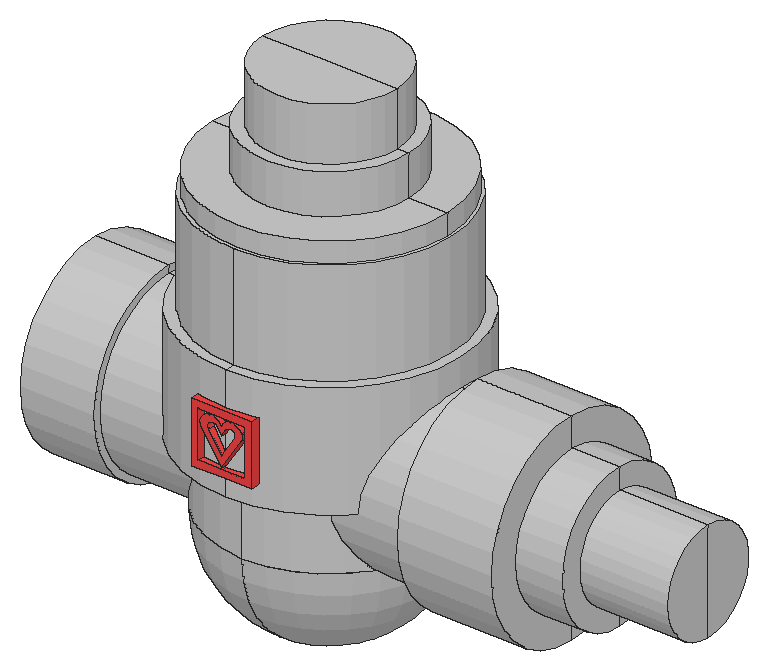
Revit family "Клапан для отключения радиатора с высокой пропускной способностью HERZ-RL-1-E, проходной 3723", category Rohrzubehör, Revit 2020
Family settings
  Bemaßung runder Anschluss = Durchmesser verwenden
  Teiletyp = Unterbricht
  OmniClass-Nummer = 23.65.55.14
  OmniClass-Titel = Valves for Liquid Services
  Arbeitsebenenbasiert = Nein
  Immer vertikal = Nein
  Beim Laden mit Abzugskörper schneiden = Nein
  Gemeinsam genutzt = Nein
Parameters
  Среда = "Качество воды в соответствии с ÖNORM H 5195 или директивой VDI 2035."
  Область применения = "Система водяного отопления. С помощью установки радиаторных запорных клапанов возможно осуществить перекрытие обратного потока нагревательных приборов. При одновременном перекрытии с клапаном на подающем трубопроводе возможен демонтаж радиатора в системе, которая находится под давлением."
  Номер заказа [instance] = size_lookup("3723_1E_", "Artnr", 0, Nennweite)  # 1372301
  Макс. рабочее давление = 1000000.0 Pa  # constant formula
  Макс. рабочая температура = 120 °C  # constant formula
  Корпус = "Никелированная латунь"  # constant formula
  Исполнение = "Стандартные модели с резьбовой муфтой в никелированном исполнении."
  Vorgabe-Ansicht = 0.000 mm
  URL = "www.herz-armaturen.ru"
  SCRNSEQ = "ARM;ARM_TYP=\"ALLF\";2"
  SCRNCODE = "05;01;02"  # constant formula
  S04 = 45.000 mm  # constant formula
  S03 = 61.000 mm  # constant formula
  S02 [instance] = L05 + L06 + L07  # 56.300 mm
  S01 = 10.000 mm  # constant formula
  R06 = 10.000 mm  # constant formula
  R05 = 11.750 mm  # constant formula
  R04 = 17.500 mm  # constant formula
  R03 = 16.500 mm  # constant formula
  R02 = 19.500 mm  # constant formula
  R01 = 18.000 mm  # constant formula
  Nennweite [instance] = 15.000 mm
  LO1 = 3.000 mm  # constant formula
  LO2 = 19.500 mm  # constant formula
  L07 [instance] = size_lookup("3723_1E_", "L7", 1.000 mm, Nennweite)  # 20.300 mm
  L06 [instance] = size_lookup("3723_1E_", "L6", 1.000 mm, Nennweite)  # 14.000 mm
  L05 [instance] = L02 - L04  # 22.000 mm
  L04 [instance] = size_lookup("3723_1E_", "L4", 1.000 mm, Nennweite)  # 11.000 mm
  L03 [instance] = size_lookup("3723_1E_", "L3", 1.000 mm, Nennweite)  # 11.000 mm
  L02 [instance] = size_lookup("3723_1E_", "L2", 1.000 mm, Nennweite)  # 33.000 mm
  L01 [instance] = size_lookup("3723_1E_", "L1", 1.000 mm, Nennweite)  # 35.000 mm
  Hersteller = "HERZ Armaturen Ges.m.b.H."  # constant formula
  H6 = 8.000 mm  # constant formula
  H07 = 14.000 mm  # constant formula
  H05 = 17.000 mm  # constant formula
  H04 [instance] = H02 - H03  # 17.000 mm
  H03 = 15.500 mm  # constant formula
  H02 [instance] = 32.500 mm  # constant formula
  H01 [instance] = 26.000 mm  # constant formula
  GTI [instance] = size_lookup("3723_1E_", "GT1", 1.000 mm, Nennweite)  # 13.200 mm
  GT [instance] = size_lookup("3723_1E_", "GT", 1.000 mm, Nennweite)  # 12.000 mm
  G2 [instance] = Nennweite / 2  # 7.500 mm
  G1 [instance] = Nennweite / 2  # 7.500 mm
  D05 [instance] = size_lookup("3723_1E_", "D5", 1.000 mm, Nennweite)  # 10.650 mm
  D04 [instance] = size_lookup("3723_1E_", "D4", 1.000 mm, Nennweite)  # 15.000 mm
  D03 [instance] = size_lookup("3723_1E_", "D3", 1.000 mm, Nennweite)  # 9.525 mm
  D02 [instance] = size_lookup("3723_1E_", "D2", 1.000 mm, Nennweite)  # 13.000 mm
  D01 [instance] = size_lookup("3723_1E_", "D1", 1.000 mm, Nennweite)  # 14.000 mm
Reference planes
  plane 1 "Mitte (Vorne/hinten)": y = 0
  plane 2: z = 0
  plane 3 "Mitte (Links/rechts)": x = 0
Forms (mm)
  Revolve 1, solid, material "Messing, weicher Gelbton, geschweißt", detail levels fine
    sketch origin (0, 0, 0) x (1, 0, 0) y (0, 0, 1)
      loop
        line (-23, 0) -> (33, 0) -> (33, 9.525) -> (22, 9.525) -> (22, 13) -> (-24, 13) -> (-24, 14) -> (-35, 14) -> (-35, 7.5) -> (-23, 7.5) -> (-23, 0)
      axis (-35, 0) -> (33, 0)
    angle from 0 to 360
  Revolve 2, solid, material "Messing, weicher Gelbton, geschweißt", detail levels fine
    sketch origin (0, 0, 0) x (0, 1, 0) y (0, 0, 1)
      loop
        line (0, 32.5) -> (-18, 32.5) -> (-18, 17) -> (-19.5, 17) -> (-19.5, 0) -> (-16.5, 0) -> (-16.5, -9.5)
        arc (-16.5, -9.5) -> (-11.667, -21.167) -> (0, -26) r 16.5
        line (0, -26) -> (0, 32.5)
      axis (0, -26) -> (0, 32.5)
    angle from 0 to 360
  Revolve 3, solid, material "Messing, weicher Gelbton, geschweißt", detail levels fine
    sketch origin (0, 0, 0) x (1, 0, 0) y (0, 0, 1)
      loop
        line (33, 0) -> (56.3, 0) -> (56.3, 7.5) -> (43.1, 7.5) -> (43.1, 10.65) -> (36, 10.65) -> (36, 15) -> (22, 15) -> (22, 9.525) -> (33, 9.525) -> (33, 0)
      axis (22, 0) -> (56.3, 0)
    angle from 0 to 360
  Revolve 4, solid, material "Messing, weicher Gelbton, geschweißt", detail levels medium+fine
    sketch origin (0, 0, 0) x (1, 0, 0) y (0, 0, 1)
      loop
        line (0, 32.5) -> (0, 49.5) -> (-10, 49.5) -> (-10, 41.5) -> (-11.75, 41.5) -> (-11.75, 35.5) -> (-17.5, 35.5) -> (-17.5, 32.5) -> (0, 32.5)
      axis (0, 49.5) -> (0, 32.5)
    angle from 0 to 360
Lines and regions (mm)
  model lines, detail levels coarse+medium
    curve 1: line (-35, 0, 14) -> (-35, 0, -14)
    curve 2: line (-35, 0, -14) -> (35, 0, 14)
    curve 3: line (35, 0, 14) -> (35, 0, -14)
    curve 4: line (35, 0, -14) -> (-35, 0, 14)
    curve 5: line (35, 0, 14) -> (45, 0, 14)
    curve 6: line (45, 0, 14) -> (35, 0, 0)
    curve 7: line (35, 0, -14) -> (45, 0, -14)
    curve 8: line (45, 0, -14) -> (35, 0, 0)
    curve 9: line (35, 0, 0) -> (56.3, 0, 0)
    curve 10: line (-35, 14, 0) -> (-35, -14, 0)
    curve 11: line (-35, -14, 0) -> (35, 14, 0)
    curve 12: line (35, 14, 0) -> (35, -14, 0)
    curve 13: line (35, -14, 0) -> (-35, 14, 0)
    curve 14: line (35, 14, 0) -> (45, 14, 0)
    curve 15: line (45, 14, 0) -> (35, 0, 0)
    curve 16: line (35, -14, 0) -> (45, -14, 0)
    curve 17: line (45, -14, 0) -> (35, 0, 0)
Dimensions and locks
  "L01": Revolve 1 sketch curve to plane 3 "Mitte (Links/rechts)"
  "L02": Revolve 1 sketch curve to plane 3 "Mitte (Links/rechts)"
  "G1": Revolve 1 sketch curve to plane 2
  "GT": Revolve 1 sketch curve to Revolve 1 sketch curve
  "D01": Revolve 1 sketch curve to Revolve 1 sketch curve
  "D02": Revolve 1 sketch curve to Revolve 1 sketch curve
  "D03": Revolve 1 sketch curve to Revolve 1 sketch curve
  "L03": Revolve 1 sketch curve to Revolve 1 sketch curve
  "L04": Revolve 1 sketch curve to Revolve 1 sketch curve
  "H02": Revolve 2 sketch curve to plane 2
  "D03": Revolve 3 sketch curve to plane 2
  "L04": Revolve 3 sketch curve to Revolve 3 sketch curve
  "L05": Revolve 3 sketch curve to plane 3 "Mitte (Links/rechts)"
  "L06": Revolve 3 sketch curve to Revolve 3 sketch curve
  "L07": Revolve 3 sketch curve to Revolve 3 sketch curve
  "D04": Revolve 3 sketch curve to Revolve 3 sketch curve
  "G2": Revolve 3 sketch curve to Revolve 3 sketch curve
  "D05": Revolve 3 sketch curve to Revolve 3 sketch curve
  "GTI": Revolve 3 sketch curve to Revolve 3 sketch curve
  "LO1": nested 1 to plane 2
  "D01": curve 4 to plane 2 to curve 2
  "D01": curve 3 to plane 2 to curve 4
  "L01": curve 1 to plane 3 "Mitte (Links/rechts)" to curve 3
  "S01": curve 3 to curve 6
  "S02": curve 9 to plane 3 "Mitte (Links/rechts)"
  "L01": curve 10 to plane 3 "Mitte (Links/rechts)" to curve 12
  "D01": curve 11 to plane 1 "Mitte (Vorne/hinten)" to curve 13
  "D01": curve 13 to plane 1 "Mitte (Vorne/hinten)" to curve 12
  "S01": curve 12 to curve 15
  "S01": curve 12 to curve 17
  "H03": Revolve 2 sketch curve to Revolve 2 sketch curve
  "R02": Revolve 2 sketch curve to Revolve 2 sketch curve
  "R01": Revolve 2 sketch curve to Revolve 2 sketch curve
  "H04": Revolve 2 sketch curve to Revolve 2 sketch curve
  "H01": plane 2 to Revolve 2 sketch curve
  "LO2": nested 1 to plane 1 "Mitte (Vorne/hinten)"
  "H05": Revolve 4 sketch curve to Revolve 2
  "H02": Revolve 4 sketch curve to plane 2
  "H6": Revolve 4 sketch curve to Revolve 4 sketch curve
  "H07": Revolve 4 sketch curve to Revolve 4 sketch curve
  "R06": Revolve 4 sketch curve to Revolve 4 sketch curve
  "R05": Revolve 4 sketch curve to Revolve 4 sketch curve
  "R04": Revolve 4 sketch curve to Revolve 4 sketch curve
  "R03": radius of Revolve 2 sketch curve
  aligned and locked: level to plane 2
Automatic sketch dimensions
  curve 9 to level = 0.000 mm
  curve 3 to curve 8 = 10.000 mm
  plane 1 "Mitte (Vorne/hinten)" to curve 17 = 0.000 mm
  Revolve 1 sketch curve to level = 0.000 mm  (x2)
  Revolve 1 sketch curve to Revolve 1 sketch curve = 1436.530 mm
  Revolve 1 sketch curve to Revolve 1 sketch curve = 1779.148 mm
  Revolve 2 sketch curve to plane 1 "Mitte (Vorne/hinten)" = 0.000 mm  (x2)
  Revolve 2 sketch curve to Revolve 2 sketch curve = 0.000 mm
  Revolve 2 sketch curve to Revolve 2 sketch curve = 1236.335 mm
  Revolve 3 sketch curve to level = 0.000 mm  (x2)
  Revolve 3 sketch curve to plane 3 "Mitte (Links/rechts)" = 1506.530 mm
  Revolve 3 sketch curve to Revolve 3 sketch curve = 1789.648 mm
  Revolve 4 sketch curve to plane 3 "Mitte (Links/rechts)" = 0.000 mm  (x2)
  Revolve 4 sketch curve to level = 366.045 mm
  Revolve 4 sketch curve to Revolve 4 sketch curve = 2164.815 mm
Nested families
  nested 1: "Herz-Logo-vorne" at (0, -19.5, 7.5) x (0, 1, 0) z (0, 0, 1), type "Herz-Logo-vorne", detail levels fine
Connectors
  piping at (-23, 0, 0), diameter 15, driven by "Nennweite"
    settings: on Revolve 1, index 1, connector inside diameter 609.6 mm, connector length 0.000 mm, flow factor 0, pipe flow 0.0 L/s, pressure drop 0.0 Pa, fitting loss kfactor 0, connector angle 0.00°, fixture units 0, engagement length 0.000 mm, angle of deflection 0.00°, flow configuration 0, flow direction 1, fitting loss method 0, system type 8, joint type 0, gender type 0, connector reference index -1, connector utility 0, adjustable connector no, is connector primary yes, connector description ""
  piping at (56.3, 0, 0), diameter 15, driven by "Nennweite"
    settings: on Revolve 3, index 2, connector inside diameter 609.6 mm, connector length 0.000 mm, flow factor 0, pipe flow 0.0 L/s, pressure drop 0.0 Pa, fitting loss kfactor 0, connector angle 0.00°, fixture units 0, engagement length 0.000 mm, angle of deflection 0.00°, flow configuration 0, flow direction 2, fitting loss method 0, system type 8, joint type 0, gender type 0, connector reference index -1, connector utility 0, adjustable connector no, is connector primary no, connector description ""
Definition of nested family "Herz-Logo-vorne"
  Parameters (values of type "Herz-Logo-vorne")
    Default Elevation = 0.000 mm
  Reference planes
    plane 1 "Mitte (Vorne/hinten)": y = 0
    plane 2: z = 0
    plane 3 "Mitte (Links/rechts)": x = 0
  Forms (mm)
    Extrusion 1, solid
      sketch origin (0.732, -0.018, 0.017) x (0, -1, 0) y (0, 0, 1)
        loop
          line (-0.018, -4.517) -> (4.482, -4.517) -> (4.482, 4.483) -> (-4.518, 4.483) -> (-4.518, -4.517) -> (-0.018, -4.517)
        loop
          line (-0.05, -3.48) -> (3.482, -3.48) -> (3.482, 3.483) -> (-3.518, 3.483) -> (-3.518, -3.48) -> (-0.05, -3.48)
        loop
          arc (-0.018, 2.383) -> (-1.543, 3.287) -> (-3.067, 2.383) r 1.738
          arc (-3.067, 2.383) -> (-3.191, 1.899) -> (-3.067, 1.415) r 1.009
          line (-3.067, 1.415) -> (-0.018, -3.281) -> (3.032, 1.415)
          arc (3.032, 1.415) -> (3.156, 1.899) -> (3.032, 2.383) r 1.009
          arc (3.032, 2.383) -> (1.507, 3.287) -> (-0.018, 2.383) r 1.738
        loop
          arc (1.885, 1.272) -> (2.005, 1.675) -> (1.885, 2.079) r 0.74
          arc (1.885, 2.079) -> (1.265, 2.416) -> (0.644, 2.079) r 0.74
          line (0.644, 2.079) -> (-0.018, 0.97) -> (-0.679, 2.079)
          arc (-0.679, 2.079) -> (-1.3, 2.416) -> (-1.921, 2.079) r 0.74
          arc (-1.921, 2.079) -> (-2.04, 1.675) -> (-1.921, 1.272) r 0.74
          line (-1.921, 1.272) -> (-0.018, -1.658) -> (1.885, 1.272)
      from 0 to 1.5
  Dimensions and locks
    aligned and locked: level to plane 2
